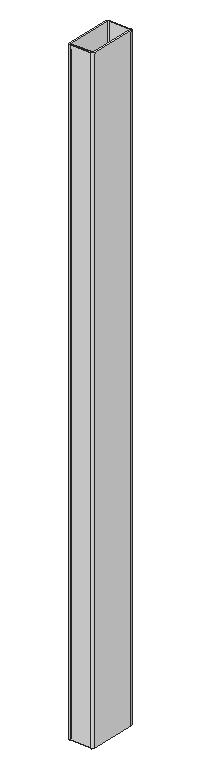
Revit family "RHS-직사각형 속 빈 단면-기둥", category 구조 기둥, Revit 2026
Family settings
  단면 모양 = 정의되지 않음
  모델 동작 재료 = 스틸
  항상 형상으로 내보내기 = 아니오
  평면의 보 전환 = 경계 상자에서
  로드될 때 보이드를 사용하여 절단 = 아니오
  기호 표현 = 프로젝트 설정에서
  공유 = 아니오
  평면도에서 미리 절단된 패밀리 표시 = 예
Parameters (values of type "200x100xRHS")
  Structural Material [instance] = 금속 - 스틸 - 345 MPa
  A = 28.70 m²
  Ix = 0
  M = 22.6
  Zx = 0
  b = 100 mm
  h = 200 mm
  tr = 2 * t  # 10 mm
  t = 5 mm
Reference planes
  plane 1 "중심(앞/뒤)": y = 0
  plane 2: z = 0
  plane 3 "중심(왼쪽/오른쪽)": x = 0
  plane 4: x = -50
  plane 5: x = 50
  plane 6: y = 100
  plane 7: y = -100
  plane 8: x = -40
  plane 9: y = -90
  plane 10: y = 90
  plane 11: x = 40
Forms (mm)
  Extrusion 1, solid, material "금속 - 스틸 - 345 MPa" <- "Structural Material", detail levels medium
    sketch origin (0, 0, 0) x (1, 0, 0) y (0, 1, 0)
      loop
        line (-50, 100) -> (-50, -100) -> (50, -100) -> (50, 100) -> (-50, 100)
      loop
        line (-45, 95) -> (-45, -95) -> (45, -95) -> (45, 95) -> (-45, 95)
    from 0 to 2500
  Extrusion 2, solid, material "금속 - 스틸 - 345 MPa" <- "Structural Material", detail levels fine
    sketch origin (0, 0, 0) x (1, 0, 0) y (0, 1, 0)
      loop
        arc (-40, 100) -> (-47.071, 97.071) -> (-50, 90) r 10
        line (-50, 90) -> (-50, -90)
        arc (-50, -90) -> (-47.071, -97.071) -> (-40, -100) r 10
        line (-40, -100) -> (40, -100)
        arc (40, -100) -> (47.071, -97.071) -> (50, -90) r 10
        line (50, -90) -> (50, 90)
        arc (50, 90) -> (47.071, 97.071) -> (40, 100) r 10
        line (40, 100) -> (-40, 100)
      loop
        arc (-40, 95) -> (-43.536, 93.536) -> (-45, 90) r 5
        line (-45, 90) -> (-45, -90)
        arc (-45, -90) -> (-43.536, -93.536) -> (-40, -95) r 5
        line (-40, -95) -> (40, -95)
        arc (40, -95) -> (43.536, -93.536) -> (45, -90) r 5
        line (45, -90) -> (45, 90)
        arc (45, 90) -> (43.536, 93.536) -> (40, 95) r 5
        line (40, 95) -> (-40, 95)
    from 0 to 2500
Lines and regions (mm)
  symbolic lines, style "StructuralColumnStickSymbols", detail levels coarse
    curve 1: line (-50, 100, 0) -> (50, 100, 0)
    curve 2: line (-50, -100, 0) -> (50, -100, 0)
    curve 5: line (-50, 100, 0) -> (-50, -100, 0)
    curve 6: line (50, 100, 0) -> (50, -100, 0)
  symbolic lines, style "숨겨진 면", detail levels medium+fine
    curve 3: line (-45, 0, 0) -> (-45, 0, 2500)
    curve 4: line (45, 0, 2500) -> (45, 0, 0)
Dimensions and locks
  equal spacing: plane 4, plane 3 "중심(왼쪽/오른쪽)", plane 5
  equal spacing: plane 7, plane 1 "중심(앞/뒤)", plane 6
  "h": plane 7 to plane 6
  "b": plane 4 to plane 5
  "t": Extrusion 1 sketch curve to plane 5
  "t": plane 4 to Extrusion 1 sketch curve
  "t": Extrusion 1 sketch curve to plane 6
  "t": Extrusion 1 sketch curve to plane 7
  "t": Extrusion 2 sketch curve to plane 6
  "t": Extrusion 2 sketch curve to plane 5
  "t": plane 4 to Extrusion 2 sketch curve
  "t": Extrusion 2 sketch curve to plane 7
  "tr": plane 10 to plane 6
  "tr": plane 7 to plane 9
  "tr": plane 11 to plane 5
  "tr": plane 4 to plane 8
  aligned and locked: plane 6 to Extrusion 1 sketch curve
  aligned and locked: Extrusion 1 sketch curve to plane 7
  aligned and locked: Extrusion 1 sketch curve to plane 4
  aligned and locked: plane 5 to Extrusion 1 sketch curve
  aligned and locked: level to Extrusion 1
  aligned and locked: level to plane 2
  aligned and locked: Extrusion 1 to plane 2
  aligned and locked: curve 1 to Extrusion 2 sketch curve
  aligned and locked: Extrusion 2 sketch curve to Extrusion 1
  aligned and locked: level to Extrusion 2
  aligned and locked: curve 4 to Extrusion 2
  aligned and locked: curve 3 to Extrusion 2
Automatic sketch dimensions
  Extrusion 2 sketch curve to plane 8 = 0 mm  (x4)
  Extrusion 2 sketch curve to plane 7 = 0 mm
  Extrusion 2 sketch curve to plane 11 = 0 mm
  Extrusion 2 sketch curve to plane 10 = 0 mm  (x2)
  Extrusion 2 sketch curve to plane 9 = 0 mm  (x2)
  curve 3 to level = 0 mm  (x2)
  curve 4 to level = 0 mm  (x2)
  curve 5 to plane 4 = 0 mm
  curve 2 to plane 5 = 0 mm
  curve 5 to plane 7 = 0 mm
  curve 5 to plane 6 = 0 mm
